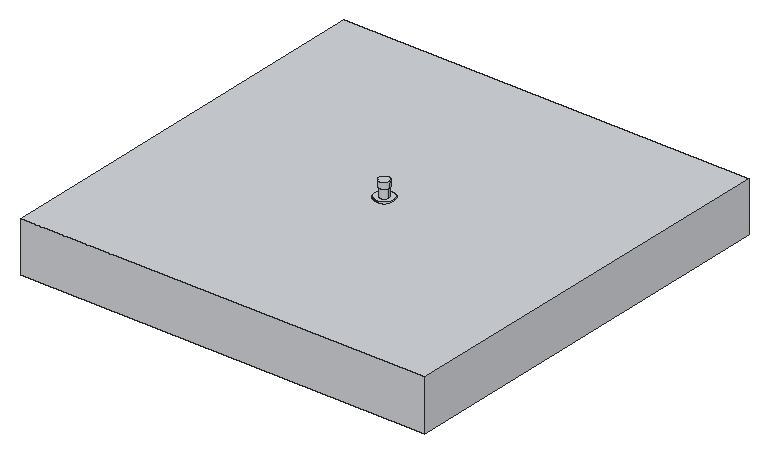
Revit family "9ac8ccbca23045978ff4f9f24fa06dc7", category Mechanical Equipment, host Face, Revit 2021
Family settings
  Host = Face
  Round Connector Dimension = Use Radius
  Part Type = Normal
  OmniClass Number = 23.65.70.17.14
  OmniClass Title = Water Fire Fighting Terminals
  Seek Item ID = Fire Department Inlet Connection - Single - Flush Plate-0000-USA-ENU
  Cut with Voids When Loaded = No
  Shared = No
  Room Calculation Point = No
Parameters (values of type "1 1/2"")
  Thread Connection Radius = 0' - 1 1/4"
  Thread Connection Diameter = Thread Connection Radius * 2  # 0' - 2 1/2"
  Plate Radius = 0' - 2 1/4"
  Plate Diameter = Plate Radius * 2  # 0' - 4 1/2"
  Nominal Radius = 3/4"
  Nominal Diameter = Nominal Radius * 2  # 1 1/2"
  Inlet Connector Radius = 0' - 1 1/4"
  Inlet Connector Diameter = Inlet Connector Radius * 2  # 0' - 2 1/2"
  Inlet Connection Plate Material = none
  Default Elevation = 2' - 4"
  Body Radius = 0' - 1"
  Body Diameter = Body Radius * 2  # 0' - 2"
  Assembly Code = ""
Types (3): name | Thread Connection Radius | Thread Connection Diameter | Plate Radius | Plate Diameter | Nominal Radius | Nominal Diameter | Inlet Connector Radius | Inlet Connector Diameter | Inlet Connection Plate Material | Body Radius | Body Diameter
  1 1/2" | 0' - 1 1/4" | 0' - 2 1/2" | 0' - 2 1/4" | 0' - 4 1/2" | 3/4" | 1 1/2" | 0' - 1 1/4" | 0' - 2 1/2" | none | 0' - 1" | 0' - 2"
  2 1/2" | 0' - 1 3/4" | 0' - 3 1/2" | 0' - 3 1/2" | 0' - 7" | 1 1/4" | 2 1/2" | 0' - 1 3/4" | 0' - 3 1/2" | none | 0' - 1 1/2" | 0' - 3"
  3" | 0' - 1 3/4" | 0' - 3 1/2" | 0' - 3 1/2" | 0' - 7" | 1 1/2" | 3" | 0' - 1 3/4" | 0' - 3 1/2" | Default Zoning Envelope | 0' - 1 1/2" | 0' - 3"
Reference planes (in)
  plane 1 "Center (Front/Back)": y = 0
  plane 2: z = 0
  plane 3 "Center (Left/Right)": x = 0
  plane 4: z = 0.25
  plane 5: z = 0.5
  plane 6: z = 2.75
  plane 7: z = 4
  plane 8: z = 3.375
  plane 9: x = -2.25
  plane 10: x = 2.25
Forms (in)
  Extrusion 1, solid
    sketch origin (0, 0, 0) x (1, 0, 0) y (0, 1, 0)
      loop
        line (-48, 48) -> (-48, -48) -> (48, -48) -> (48, 48) -> (-48, 48)
    from 0 to -12
  Extrusion 2, solid, material <- "Inlet Connection Plate Material", detail levels fine
    sketch origin (0, 0, 0) x (1, 0, 0) y (0, 1, 0)
      loop
        circle (0, 0) r 1.25
    from 0 to 0.25
  Extrusion 3, solid, material <- "Inlet Connection Plate Material", detail levels fine
    sketch origin (0, 0, 0) x (1, 0, 0) y (0, 1, 0)
      loop
        circle (0, 0) r 2.25
    from 0.25 to 0.5
  Extrusion 4, solid, material <- "Inlet Connection Plate Material", detail levels fine
    sketch origin (0, 0, 0) x (1, 0, 0) y (0, 1, 0)
      loop
        circle (0, 0) r 1
    from 0.5 to 2.75
  Extrusion 5, solid, material <- "Inlet Connection Plate Material", detail levels fine
    sketch origin (0, 0, 0) x (1, 0, 0) y (0, 1, 0)
      loop
        circle (0, 0) r 1.25
    from 2.75 to 4
Cuts and joins
  joined: Extrusion 2, Extrusion 3, Extrusion 4, Extrusion 5
Lines and regions (in)
  model lines, detail levels coarse+medium
    curve 1: circle (0, 0, 3.375) r 0.625 normal (0, -1, 0)
    curve 2: line (0, 0, 2.75) -> (0, 0, 0.25)
    curve 3: line (-2.25, 0, 0.25) -> (2.25, 0, 0.25)
    curve 4: line (0, 0, 0.25) -> (0, 0, 0)
  symbolic lines
    curve 5: circle (0, 0, 0) r 2.25 normal (0, 0, 1)
  symbolic lines, detail levels coarse+medium
    curve 6: circle (0, 0, 3.375) r 0.625 normal (1, 0, 0)
Dimensions and locks (in)
  locked: plane 4 to plane 2 at 0.25
  locked: plane 5 to plane 4 at 0.25
  locked: plane 6 to plane 5 at 2.25
  locked: plane 7 to plane 6 at 1.25
  equal spacing: plane 7, plane 8, plane 6
  equal spacing: plane 10, plane 3 "Center (Left/Right)", plane 9
  "Plate Diameter": plane 10 to plane 9
  "Inlet Connector Radius": radius of Extrusion 2 sketch curve
  "Plate Radius": radius of Extrusion 3 sketch curve
  "Body Radius": radius of Extrusion 4 sketch curve
  "Thread Connection Radius": radius of Extrusion 5 sketch curve
  radius of curve 1 = 0' - 0 5/8"
  radius of curve 5 = 0' - 2 1/4"
  radius of curve 6 = 0' - 0 5/8"
  aligned and locked: plane 2 to Extrusion 1
  aligned and locked: level to Extrusion 1
  aligned and locked: plane 1 "Center (Front/Back)" to Extrusion 2 sketch curve
  aligned and locked: plane 3 "Center (Left/Right)" to Extrusion 2 sketch curve
  aligned and locked: Extrusion 2 to plane 2
  aligned and locked: plane 4 to Extrusion 2
  aligned and locked: plane 1 "Center (Front/Back)" to Extrusion 3 sketch curve
  aligned and locked: plane 3 "Center (Left/Right)" to Extrusion 3 sketch curve
  aligned and locked: Extrusion 3 to plane 4
  aligned and locked: plane 5 to Extrusion 3
  aligned and locked: Extrusion 4 to plane 5
  aligned and locked: plane 6 to Extrusion 4
  aligned and locked: plane 1 "Center (Front/Back)" to Extrusion 5 sketch curve
  aligned and locked: plane 3 "Center (Left/Right)" to Extrusion 5 sketch curve
  aligned and locked: Extrusion 5 to plane 6
  aligned and locked: plane 7 to Extrusion 5
  aligned and locked: plane 3 "Center (Left/Right)" to curve 1
  aligned and locked: curve 2 to plane 3 "Center (Left/Right)"
  aligned and locked: plane 6 to curve 2
  aligned and locked: plane 9 to curve 3
  aligned and locked: plane 10 to curve 3
  aligned and locked: curve 3 to plane 4
  aligned and locked: plane 4 to curve 4
  aligned and locked: plane 2 to curve 4
  aligned and locked: curve 4 to plane 3 "Center (Left/Right)"
  aligned and locked: plane 1 "Center (Front/Back)" to curve 5
  aligned and locked: plane 3 "Center (Left/Right)" to curve 5
  aligned and locked: plane 1 "Center (Front/Back)" to curve 6
  aligned and locked: plane 8 to curve 6
Automatic sketch dimensions
  Extrusion 4 sketch curve to plane 1 "Center (Front/Back)" = 0' - 0"
  Extrusion 4 sketch curve to plane 3 "Center (Left/Right)" = 0' - 0"
  Extrusion 1 sketch curve to Extrusion 1 sketch curve = 8' - 0"  (x2)
Connectors (in)
  piping at (0, 0, 0), diameter 1.5, driven by "Nominal Radius"
    settings: on Extrusion 2, index 1, connector inside diameter 1 1/2", connector length 0' - 0", flow factor 0, pipe flow 0 GPM, pressure drop 0.00 psi, fitting loss kfactor 0, connector angle 0.00°, fixture units 0, engagement length 0' - 0", angle of deflection 0.00°, flow configuration 1, flow direction 2, fitting loss method 0, system type 29, joint type 0, gender type 0, connector reference index -1, connector utility 0, adjustable connector no, is connector primary yes, connector description "Out"
